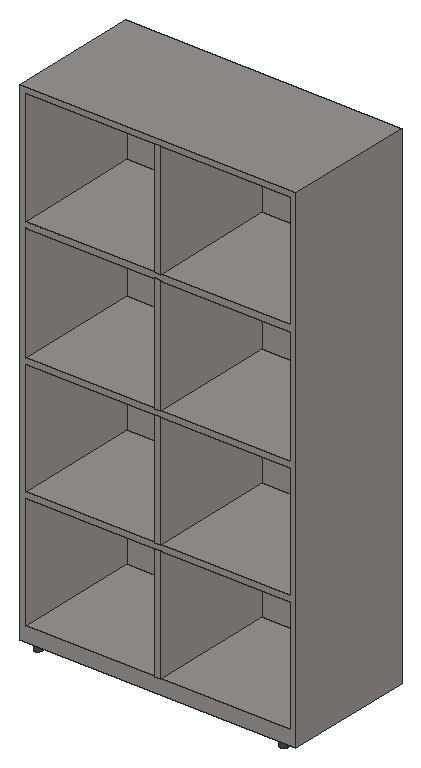
Revit family "Storage-Freestanding-Teknion-BCFSO-Freestanding_Open_Tower-R2015", category Furniture, Revit 2015
Parameters (values of type "66" High")
  Width [instance] = 36.000"
  Warranty = "http://www.teknion.com/ca/papers/legal-canada"
  Unit Weight URL = "http://www.teknion.com/ca/tools/assets#&asset=bee6a381-b954-425e-8283-5a2de3a804f2,f828d448-4b62-4231-9e5f-9a8991c0ed77"
  URL = "www.teknion.com"
  Sustainability Data = "http://www.teknion.com/ca/tools/assets#&topic=216f99a5-57a0-44fc-b10a-9dee9b29ae4c&asset=444deb64-fe58-4b68-981e-f75e97781df7"
  Shelf Offset Row 3 = if([72 High], 16.986", 14.906")  # 14.906"
  Shelf Offset Row 2 = if([72 High], 17.277", 15.197")  # 15.197"
  Shelf Offset Row 1 = if([72 High], 16.927", 14.846")  # 14.846"
  Shelf Dividers [instance] = if(Width = 36.000", 1 < 2, 1 > 2)  # yes
  Series = "Expansion Casegoods"  # constant formula
  Product Page URL = "http://www.teknion.com/ca/products/product-details?productlineid=0053336e-8e7a-673b-a6c8-ff00004460c4"
  Product Line = "Expansion Casegoods"  # constant formula
  Product Documentation Link = "http://www.teknion.com/pricing/expansion-casegoods/pdfs/BCFSO_ppg.pdf"
  Part Number = "BCFSO"  # constant formula
  Note [instance] = "Available Widths are 18 and 36 inches."  # constant formula
  Model = "BCFSO18_66"
  Manufacturer Phone = "416-661-3370"  # constant formula
  Manufacturer Fax = "416.661.4586"  # constant formula
  Manufacturer Contact Information = "http://www.teknion.com/ca/contactus"
  Manufacturer Address = "1150 Flint Road, Toronto, ON. M3J 2J5. Canada"  # constant formula
  Manufacturer = "Teknion"  # constant formula
  Height = 66.000"
  Description = "Freestanding Open Tower, 18\"Depth, 66\" High"
  Depth = 18.000"
  Case Finish [instance] = Source Laminate - Teknion - DE - Latte
  Assembly Code = "E2020200"
  Actual Width [instance] = if(Width = 18.000", 17.910", 35.820")  # 35.820"
  Actual Height = if(Height = 66.000", 65.165", 71.406")  # 65.165"
  Actual Depth = Depth - 0.839"  # 17.161"
  72 High = no
Types (3): name | Shelf Offset Row 3 | Shelf Offset Row 2 | Shelf Offset Row 1 | Model | Height | Description | Case Finish | Actual Height | 72 High
  (no name) | 14.906" | 15.197" | 14.846" | "BCFSO18_66" | 66.000" | "Freestanding Open Tower, 18\"Depth, 66\" High" | Source Laminate - Teknion - DE - Latte | 65.165" | no
  66" High | 14.906" | 15.197" | 14.846" | "BCFSO18_66" | 66.000" | "Freestanding Open Tower, 18\"Depth, 66\" High" | Source Laminate - Teknion - DE - Latte | 65.165" | no
  72" High | 16.986" | 17.277" | 16.927" | "BCFSO18_72" | 72.000" | "Freestanding Open Tower, 18\"Depth, 72\" High" | Source Laminate - Teknion - XS - Storm White | 71.406" | yes
Reference planes (in)
  plane 1 "Center Front/Back": y = 0.3551
  plane 2: z = 0
  plane 3 "Center Left/Right": x = 0.25241
  plane 4 "Left": x = -17.65759
  plane 5 "Right": x = 18.16241
  plane 6 "Back": y = 8.9356
  plane 7 "Front": y = -8.2254
  plane 8 "Top": z = 65.165
  plane 9: z = 0.60236
  plane 10: y = -9.7254
  plane 11: y = 8.23481
  plane 12: z = 18.11364
  plane 13: z = 17.41285
  plane 14: z = 33.66043
  plane 15: z = 32.95964
  plane 16: z = 49.55821
  plane 17: z = 48.85743
  plane 18: z = 64.46421
  plane 19: z = 2.49213
Forms (in)
  Extrusion 1, solid, material "Source Laminate - Teknion - DE - Latte" <- "Case Finish"
    sketch origin (0, 0.3551, 0) x (1, 0, 0) y (0, 0, 1)
      loop
        line (-17.65759, 65.165) -> (-17.65759, 0.60236) -> (18.16241, 0.60236) -> (18.16241, 65.165) -> (-17.65759, 65.165)
    from -8.5805 to 8.5805
  Extrusion 2, void
    sketch origin (9.20741, -9.7254, 48) x (-1, 0, 0) y (0, 0, 1)
      loop
        line (26.16421, 1.55821) -> (26.16421, 16.46421) -> (-8.25421, 16.46421) -> (-8.25421, 1.55821) -> (26.16421, 1.55821)
      loop
        line (26.16421, -14.33957) -> (26.16421, 0.85743) -> (-8.25421, 0.85743) -> (-8.25421, -14.33957) -> (26.16421, -14.33957)
      loop
        line (26.16421, -29.88636) -> (26.16421, -15.04036) -> (-8.25421, -15.04036) -> (-8.25421, -29.88636) -> (26.16421, -29.88636)
      loop
        line (26.16421, -30.58715) -> (-8.25421, -30.58715) -> (-8.25421, -45.50787) -> (26.16421, -45.50787) -> (26.16421, -30.58715)
    from 0 to 17.96021
  Extrusion 3, solid, material "Source Laminate - Teknion - DE - Latte" <- "Case Finish", visible <- "Shelf Dividers"
    sketch origin (0, 0, 0) x (1, 0, 0) y (0, 1, 0)
      loop
        line (-0.09798, 8.23481) -> (-0.09798, -8.2254) -> (0.60281, -8.2254) -> (0.60281, 8.23481) -> (-0.09798, 8.23481)
    from 2.49213 to 17.41285
  Extrusion 4, solid, material "Source Laminate - Teknion - DE - Latte" <- "Case Finish", visible <- "Shelf Dividers"
    sketch origin (0, 0, 15.62151) x (1, 0, 0) y (0, 1, 0)
      loop
        line (0.60281, 8.23481) -> (-0.09798, 8.23481) -> (-0.09798, -8.2254) -> (0.60281, -8.2254) -> (0.60281, 8.23481)
    from 2.49213 to 17.33813
  Extrusion 5, solid, material "Source Laminate - Teknion - DE - Latte" <- "Case Finish", visible <- "Shelf Dividers"
    sketch origin (0, 0, 33.2493) x (1, 0, 0) y (0, 1, 0)
      loop
        line (-0.09798, 8.23481) -> (-0.09798, -8.2254) -> (0.60281, -8.2254) -> (0.60281, 8.23481) -> (-0.09798, 8.23481)
    from 0.41113 to 15.60813
  Extrusion 6, solid, material "Source Laminate - Teknion - DE - Latte" <- "Case Finish", visible <- "Shelf Dividers"
    sketch origin (0, 0, 51.22709) x (1, 0, 0) y (0, 1, 0)
      loop
        line (0.60281, 8.23481) -> (-0.09798, 8.23481) -> (-0.09798, -8.2254) -> (0.60281, -8.2254) -> (0.60281, 8.23481)
    from -1.66887 to 13.23713
  Extrusion 7, solid, material "Plastic - Teknion - E - Ebony"
    sketch origin (0, 0, 0) x (1, 0, 0) y (0, 1, 0)
      loop
        circle (-15.69241, 7.63391) r 0.5
    from 0 to 0.60236
  Extrusion 8, solid, material "Plastic - Teknion - E - Ebony"
    sketch origin (0.50483, 0, 0) x (-1, 0, 0) y (0, -1, 0)
      loop
        circle (-15.69241, -7.63391) r 0.5
    from 0 to 0.60236
  Extrusion 9, solid, material "Plastic - Teknion - E - Ebony"
    sketch origin (0.50483, 0.7102, 0) x (-1, 0, 0) y (0, -1, 0)
      loop
        circle (-15.69241, 8.38391) r 0.5
    from 0 to 0.60236
  Extrusion 10, solid, material "Plastic - Teknion - E - Ebony"
    sketch origin (0, 0.7102, 0) x (1, 0, 0) y (0, 1, 0)
      loop
        circle (-15.69241, -8.38391) r 0.5
    from 0 to 0.60236
Cuts and joins
  Extrusion 2 cuts Extrusion 1
Lines and regions (in)
  Masking region 1
    outline origin (0, 0, 0) x (1, 0, 0) y (0, 1, 0)
      loop
        line (-17.65759, 8.9356) -> (-17.65759, -8.2254) -> (18.16241, -8.2254) -> (18.16241, 8.9356) -> (-17.65759, 8.9356)
  symbolic lines, style "FurnitureHiddenLines", detail levels medium+fine
    curve 1: line (-16.9568, 8.23481, 0) -> (-16.9568, -8.2254, 0)
    curve 2: line (17.46163, 8.23481, 0) -> (-16.9568, 8.23481, 0)
    curve 3: line (17.46163, -8.2254, 0) -> (17.46163, 8.23481, 0)
  symbolic lines, style "FurnitureHiddenLines", detail levels fine
    curve 4: arc (-16.19241, 7.63391, 0) -> (-15.69241, 7.13391, 0) -> (-15.19241, 7.63391, 0) r 0.5
    curve 5: arc (-15.19241, 7.63391, 0) -> (-15.69241, 8.13391, 0) -> (-16.19241, 7.63391, 0) r 0.5
    curve 6: arc (15.69724, 7.63391, 0) -> (16.19724, 7.13391, 0) -> (16.69724, 7.63391, 0) r 0.5
    curve 7: arc (16.69724, 7.63391, 0) -> (16.19724, 8.13391, 0) -> (15.69724, 7.63391, 0) r 0.5
    curve 8: arc (16.69724, -7.67371, 0) -> (16.19724, -7.17371, 0) -> (15.69724, -7.67371, 0) r 0.5
    curve 9: arc (15.69724, -7.67371, 0) -> (16.19724, -8.17371, 0) -> (16.69724, -7.67371, 0) r 0.5
    curve 10: arc (-15.19241, -7.67371, 0) -> (-15.69241, -7.17371, 0) -> (-16.19241, -7.67371, 0) r 0.5
    curve 11: arc (-16.19241, -7.67371, 0) -> (-15.69241, -8.17371, 0) -> (-15.19241, -7.67371, 0) r 0.5
  symbolic lines, style "FurnitureHiddenLines", visible <- "Shelf Dividers", detail levels medium+fine
    curve 12: line (-0.09798, 8.23481, 0) -> (-0.09798, -8.2254, 0)
    curve 13: line (0.60281, -8.2254, 0) -> (0.60281, 8.23481, 0)
Dimensions and locks (in)
  "Actual Width": plane 4 "Left" to plane 5 "Right"
  "Actual Depth": plane 6 "Back" to plane 7 "Front"
  "Actual Height": plane 8 "Top" to level
  locked: plane 10 to plane 7 "Front" at 1.5
  locked: plane 11 to plane 6 "Back" at 0.70079
  equal spacing: plane 4 "Left", plane 3 "Center Left/Right", plane 5 "Right"
  equal spacing: plane 6 "Back", plane 1 "Center Front/Back", plane 7 "Front"
  locked: plane 12 to plane 13 at 0.70079
  "Shelf Offset Row 1": plane 15 to plane 12
  locked: plane 14 to plane 15 at 0.70079
  "Shelf Offset Row 2": plane 17 to plane 14
  locked: plane 16 to plane 17 at 0.70079
  "Shelf Offset Row 3": plane 18 to plane 16
  locked: plane 8 "Top" to plane 18 at 0.70079
  plane 19 to plane 9 to plane 2 = 1.88976" locked, 0.60236" locked
  Extrusion 3 sketch curve to plane 3 "Center Left/Right" to Extrusion 3 sketch curve = 0.35039" locked, 0.35039" locked
  Extrusion 4 sketch curve to plane 3 "Center Left/Right" to Extrusion 4 sketch curve = 0.35039" locked, 0.35039" locked
  Extrusion 5 sketch curve to plane 3 "Center Left/Right" to Extrusion 5 sketch curve = 0.35039" locked, 0.35039" locked
  Extrusion 6 sketch curve to plane 3 "Center Left/Right" to Extrusion 6 sketch curve = 0.35039" locked, 0.35039" locked
  locked: plane 4 "Left" to Extrusion 7 sketch curve at 1.96518
  locked: plane 6 "Back" to Extrusion 7 sketch curve at 1.30169
  locked: plane 6 "Back" to Extrusion 8 sketch curve at 1.30169
  locked: Extrusion 8 sketch curve to plane 5 "Right" at 1.96518
  locked: plane 7 "Front" to Extrusion 9 sketch curve at 0.55169
  locked: Extrusion 9 sketch curve to plane 5 "Right" at 1.96518
  locked: plane 4 "Left" to Extrusion 10 sketch curve at 1.96518
  locked: plane 7 "Front" to Extrusion 10 sketch curve at 0.55169
  locked: Extrusion 2 sketch curve to plane 4 "Left" at 0.70079  (x4)
  locked: Extrusion 2 sketch curve to plane 5 "Right" at 0.70079  (x4)
  aligned and locked: level to plane 2
  aligned and locked: Extrusion 1 sketch curve to plane 8 "Top"
  aligned and locked: Extrusion 1 sketch curve to plane 4 "Left"
  aligned and locked: plane 5 "Right" to Extrusion 1 sketch curve
  aligned and locked: Extrusion 1 to plane 6 "Back"
  aligned and locked: Extrusion 1 to plane 7 "Front"
  aligned and locked: plane 10 to Extrusion 2
  aligned and locked: Extrusion 2 to plane 11
  aligned and locked: cut or joined group of Extrusion 1, Extrusion 2 to plane 9
  aligned and locked: Extrusion 2 sketch curve to plane 13
  aligned and locked: Extrusion 2 sketch curve to plane 12
  aligned and locked: Extrusion 2 sketch curve to plane 15
  aligned and locked: Extrusion 2 sketch curve to plane 14
  aligned and locked: Extrusion 2 sketch curve to plane 17
  aligned and locked: Extrusion 2 sketch curve to plane 16
  aligned and locked: Extrusion 2 sketch curve to plane 18
  aligned and locked: Extrusion 2 sketch curve to plane 19
  aligned and locked: Extrusion 3 sketch curve to plane 11
  aligned and locked: plane 7 "Front" to Extrusion 3 sketch curve
  aligned and locked: Extrusion 3 to plane 19
  aligned and locked: plane 13 to Extrusion 3
  aligned and locked: Extrusion 4 to plane 12
  aligned and locked: plane 15 to Extrusion 4
  aligned and locked: Extrusion 4 sketch curve to plane 7 "Front"
  aligned and locked: plane 11 to Extrusion 4 sketch curve
  aligned and locked: Extrusion 5 to plane 14
  aligned and locked: plane 17 to Extrusion 5
  aligned and locked: plane 7 "Front" to Extrusion 5 sketch curve
  aligned and locked: Extrusion 5 sketch curve to plane 11
  aligned and locked: Extrusion 6 to plane 16
  aligned and locked: plane 18 to Extrusion 6
  aligned and locked: Extrusion 6 sketch curve to plane 7 "Front"
  aligned and locked: plane 11 to Extrusion 6 sketch curve
  aligned and locked: Extrusion 7 to plane 2
  aligned and locked: plane 9 to Extrusion 7
  aligned and locked: plane 9 to Extrusion 10
  aligned and locked: Extrusion 10 to plane 9
  aligned and locked: Extrusion 9 to plane 9
  aligned and locked: Extrusion 8 to plane 9
  aligned and locked: Extrusion 9 to plane 2
  aligned and locked: Extrusion 8 to plane 2
  aligned and locked: Extrusion 10 to plane 2
  aligned and locked: plane 2 to Extrusion 10
  aligned and locked: Masking region 1 sketch curve to plane 4 "Left"
  aligned and locked: Masking region 1 sketch curve to plane 6 "Back"
  aligned and locked: plane 5 "Right" to Masking region 1 sketch curve
  aligned and locked: Masking region 1 sketch curve to plane 7 "Front"
  aligned and locked: curve 1 to cut or joined group of Extrusion 1, Extrusion 2
  aligned and locked: curve 2 to cut or joined group of Extrusion 1, Extrusion 2
  aligned and locked: curve 3 to cut or joined group of Extrusion 1, Extrusion 2
  aligned and locked: curve 4 to Extrusion 7
  aligned and locked: curve 5 to Extrusion 7
  aligned and locked: curve 6 to Extrusion 8
  aligned and locked: curve 7 to Extrusion 8
  aligned and locked: curve 8 to Extrusion 9
  aligned and locked: curve 9 to Extrusion 9
  aligned and locked: curve 10 to Extrusion 10
  aligned and locked: curve 11 to Extrusion 10
  aligned and locked: curve 12 to Extrusion 6
  aligned and locked: curve 13 to Extrusion 6
Automatic sketch dimensions
  plane 9 to Extrusion 1 sketch curve = 0.000"
  curve 1 to plane 7 "Front" = 0.000"
  plane 7 "Front" to curve 3 = 0.000"
  plane 7 "Front" to curve 12 = 0.000"
  plane 7 "Front" to curve 13 = 0.000"
  radius of Extrusion 7 sketch curve = 0.500"
  radius of Extrusion 8 sketch curve = 0.500"
  radius of Extrusion 9 sketch curve = 0.500"
  radius of Extrusion 10 sketch curve = 0.500"
